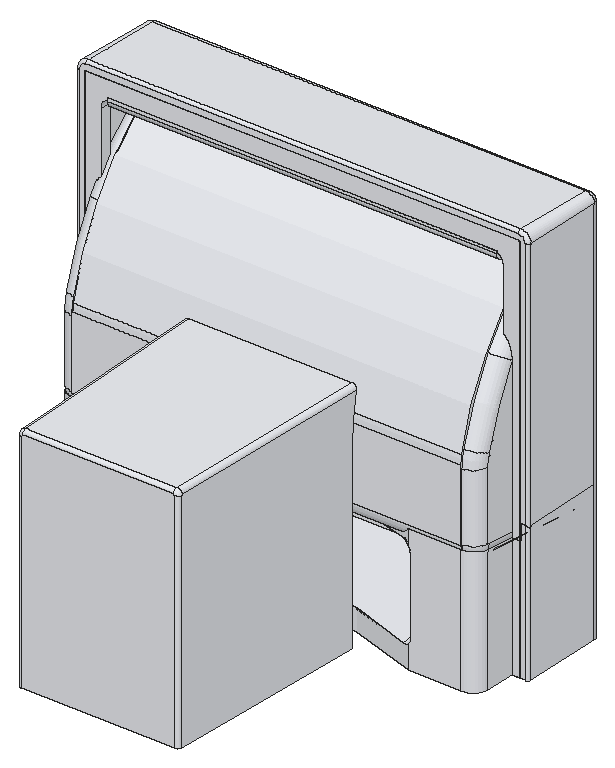
Revit family "Basin-Wall-Caroma Liano Nexus1", category Plumbing Fixtures, host Face, Revit 2012
Parameters (values of type "Liano Nexus - 3 Tap Holes with Shroud")
  Waste Radius [instance] = 30 mm
  Waste Connection = yes
  Waste = Metal-Chrome-Caroma
  WFU = 2  # constant formula
  Vent Connection = no
  URL = "www.caroma.com.au"
  Type Comments = "Capacity: 8L, Overflow not available, Fixing kit included, White plug and chrome flush fitting waste included"  # constant formula
  Tap Penetrations = if([3 Tapholes], 0 mm, 100 mm)  # 0 mm
  Spout Penetration = if(or([1 Taphole], [3 Tapholes]), 0 mm, 100 mm)  # 0 mm
  Shroud = yes
  PlumbingMaterial_ANZRS = Porcelain-White-Caroma
  Model = "665635W"
  Manufacturer = "Caroma"  # constant formula
  Keynote = "WB"
  HW Connection = no
  Description = "Liano Nexus Wall Basin"  # constant formula
  Default Elevation = 865 mm
  CreatedBy_ANZRS = "Design Content"  # constant formula
  CreatedByURL_ANZRS = "www.designcontent.com.au"
  Cost = 357  # constant formula
  CW Connection = no
  Assembly Code = "D2010310"
  3 Tapholes = yes
  1 Taphole = no
Reference planes
  plane 1 "Center (Elevation)": y = 0
  plane 2 "Back": z = 0
  plane 3 "Center (Left/Right)": x = 0
  plane 4 "Left": x = -227
  plane 5 "Right": x = 227
  plane 6: x = -100
  plane 7: x = 100
  plane 8 "Top": y = 210
  plane 9: z = 170
  plane 10 "Front": z = 402
  plane 11 "Center (Front/Back)": z = 201
  plane 12: y = 200
  plane 13: y = 120.006
  plane 14: y = 37.006
  plane 15: z = 70
  plane 16: z = 60
  plane 17 "Bottom": y = -135
  plane 18 "3 Taps": y = 200
  plane 19 "1 Tap": y = 200
Forms (mm)
  Revolve 1, solid, material "Porcelain-White-Caroma" <- "PlumbingMaterial_ANZRS"
    sketch origin (0, 81.782, 172.5) x (0, 0, -1) y (0, 1, 0)
      loop
        line (24.501, -79.775) -> (29.501, -79.775) -> (29.501, -11.064) -> (39.246, -1.318) -> (39.246, 3.682) -> (38.418, 3.682)
        arc (38.418, 3.682) -> (37.27, 3.453) -> (36.296, 2.803) r 3
        line (36.296, 2.803) -> (26.101, -7.393)
        arc (26.101, -7.393) -> (24.917, -9.165) -> (24.501, -11.255) r 5.461
        line (24.501, -11.255) -> (24.501, -79.775)
      axis (2.5, -79.775) -> (2.5, 3.682)
    angle from 0 to 360
  Revolve 2, void
    sketch origin (0, 81.782, 172.5) x (0, 0, -1) y (0, 1, 0)
      loop
        line (24.501, -82.941) -> (24.501, -11.255)
        arc (24.501, -11.255) -> (24.917, -9.165) -> (26.101, -7.393) r 5.461
        line (26.101, -7.393) -> (38.418, 4.924) -> (38.418, 12.76) -> (2.5, 12.76) -> (2.5, -82.941) -> (24.501, -82.941)
      axis (2.5, -82.941) -> (2.5, 12.76)
    angle from 0 to 360
  Revolve 3, solid, material "Metal-Chrome-Caroma" <- "Waste", detail levels fine
    sketch origin (0, 126.011, 172.5) x (0, 0, -1) y (0, 1, 0)
      loop
        line (2.5, -53.692) -> (14.71, -53.692) -> (24.461, -48.287) -> (24.461, -45.838) -> (30.471, -45.838) -> (30.471, -45.027) -> (29.363, -44.308) -> (22.893, -44.308) -> (22.893, -48.615) -> (15.237, -52.859) -> (15.237, -49.13) -> (21.071, -49.13)
        arc (21.071, -49.13) -> (20.047, -47.846) -> (18.52, -47.244) r 3.183
        arc (18.52, -47.244) -> (10.523, -46.552) -> (2.5, -46.322) r 139.649
        line (2.5, -46.322) -> (2.5, -53.692)
      axis (2.5, -53.692) -> (2.5, -44.308)
    angle from 0 to 360
  Revolve 4, solid, material "Metal-Chrome-Caroma" <- "Waste", detail levels fine
    sketch origin (0, 137.878, 204.714) x (0, 0.052336, -0.99863) y (0, 0.99863, 0.052336)
      loop
        line (100.943, 45.624) -> (90.505, 47.091) -> (90.933, 50.141) -> (90.017, 50.269) -> (88.983, 49.49) -> (88.44, 45.629) -> (100.701, 43.906) -> (100.943, 45.624)
      axis (99.108, 32.567) -> (86.846, 34.29)
    angle from 0 to 360
  Revolve 5, void
    sketch origin (0, 139.03, 194.579) x (0, 0.053198, -0.998584) y (0, 0.998584, 0.053198)
      loop
        line (98.2, 43.97) -> (68.863, 48.094) -> (67.016, 34.953) -> (96.354, 30.83) -> (98.2, 43.97)
      axis (96.354, 30.83) -> (67.016, 34.953)
    angle from 0 to 360
  Sweep 6, solid, material "Porcelain-White-Caroma" <- "PlumbingMaterial_ANZRS"
    path origin (0, 0, 0) x (1, 0, 0) y (0, 0, 1)
      loop
        line (227, 0) -> (227, 392)
        arc (227, 392) -> (224.071, 399.071) -> (217, 402) r 10
        line (217, 402) -> (-217, 402)
        arc (-217, 402) -> (-224.071, 399.071) -> (-227, 392) r 10
        line (-227, 392) -> (-227, 0)
    profile origin (0, 0, 402) x (0, 0, -1) y (0, -1, 0)
      loop
        line (0.443, -123.059) -> (1.857, -204.105)
        arc (1.857, -204.105) -> (3.651, -208.28) -> (7.857, -210) r 6
        line (7.857, -210) -> (9, -210) -> (9, -120.006) -> (3.442, -120.006)
        arc (3.442, -120.006) -> (1.303, -120.904) -> (0.443, -123.059) r 3
  Extrusion 7, solid, material "Porcelain-White-Caroma" <- "PlumbingMaterial_ANZRS"
    sketch origin (0, 0, 0) x (1, 0, 0) y (0, 0, 1)
      loop
        line (-218, 0) -> (218, 0) -> (218, 392)
        arc (218, 392) -> (217.707, 392.707) -> (217, 393) r 1
        line (217, 393) -> (-217, 393)
        arc (-217, 393) -> (-217.707, 392.707) -> (-218, 392) r 1
        line (-218, 392) -> (-218, 0)
      loop
        arc (-191.502, 375.017) -> (-198.573, 372.088) -> (-201.502, 365.017) r 10
        line (-201.502, 365.017) -> (-201.502, 120.418)
        arc (-201.502, 120.418) -> (-198.573, 113.347) -> (-191.502, 110.418) r 10
        line (-191.502, 110.418) -> (191.502, 110.418)
        arc (191.502, 110.418) -> (198.573, 113.347) -> (201.502, 120.418) r 10
        line (201.502, 120.418) -> (201.502, 365.017)
        arc (201.502, 365.017) -> (198.573, 372.088) -> (191.502, 375.017) r 10
        line (191.502, 375.017) -> (-191.502, 375.017)
    from -210 to -200
  Extrusion 8, solid, material "Porcelain-White-Caroma" <- "PlumbingMaterial_ANZRS"
    sketch origin (0, 0, 0) x (0, 1, 0) y (0, 0, 1)
      loop
        arc (75.55, 99.421) -> (80.788, 96.307) -> (86.744, 95.02) r 18.914
        line (86.744, 95.02) -> (200, 89.243) -> (200, 105.837) -> (89.07, 115.543)
        arc (89.07, 115.543) -> (79.318, 120.352) -> (75.377, 130.485) r 15
        line (75.377, 130.485) -> (75.377, 142.497) -> (69.486, 148.387) -> (69.486, 170) -> (41.972, 170) -> (41.972, 134.591)
        arc (41.972, 134.591) -> (43.378, 128.252) -> (47.33, 123.1) r 15
        line (47.33, 123.1) -> (75.55, 99.421)
    from 25 to -25
  Extrusion 9, solid, material "Porcelain-White-Caroma" <- "PlumbingMaterial_ANZRS"
    sketch origin (0, 0, 0) x (0, 1, 0) y (0, 0, 1)
      loop
        line (85.463, 131.394) -> (85.463, 199.855)
        arc (85.463, 199.855) -> (85.947, 206.668) -> (87.388, 213.344) r 48.214
        arc (87.388, 213.344) -> (100.275, 249.913) -> (117.117, 284.837) r 351.033
        arc (117.117, 284.837) -> (155.261, 334.036) -> (206.591, 369.261) r 201.72
        arc (206.591, 369.261) -> (209.077, 371.475) -> (210, 374.673) r 6
        line (210, 374.673) -> (210, 376.017) -> (120.006, 376.017) -> (120.006, 372.587)
        arc (120.006, 372.587) -> (121.344, 368.811) -> (124.759, 366.718) r 6
        line (124.759, 366.718) -> (154.912, 360.309)
        arc (154.912, 360.309) -> (159.47, 355.954) -> (157.619, 349.928) r 6
        arc (157.619, 349.928) -> (105.786, 287.314) -> (76.241, 211.59) r 255.52
        arc (76.241, 211.59) -> (75.593, 207.56) -> (75.377, 203.484) r 38.475
        line (75.377, 203.484) -> (75.377, 130.485)
        arc (75.377, 130.485) -> (79.318, 120.352) -> (89.07, 115.543) r 15
        line (89.07, 115.543) -> (200, 105.837) -> (210, 110.419)
        arc (210, 110.419) -> (208.686, 113.797) -> (205.436, 115.4) r 5
        line (205.436, 115.4) -> (90.94, 125.417)
        arc (90.94, 125.417) -> (87.039, 127.341) -> (85.463, 131.394) r 6
    from 195 to -195
  Sweep 10, solid, material "Porcelain-White-Caroma" <- "PlumbingMaterial_ANZRS"
    path origin (0, 0, 0) x (0, 1, 0) y (0, 0, 1)
      loop
        line (205.436, 115.4) -> (90.94, 125.417)
        arc (90.94, 125.417) -> (87.039, 127.341) -> (85.463, 131.394) r 6
        line (85.463, 131.394) -> (85.463, 199.855)
        arc (85.463, 199.855) -> (85.947, 206.668) -> (87.388, 213.344) r 48.214
        arc (87.388, 213.344) -> (100.275, 249.913) -> (117.117, 284.837) r 351.033
        arc (117.117, 284.837) -> (155.261, 334.036) -> (206.591, 369.261) r 201.72
    profile origin (0, 85.463, 165.625) x (0, -1, 0) y (1, 0, 0)
      loop
        line (0, 195) -> (10, 195)
        arc (10, 195) -> (5.607, 205.607) -> (-5, 210) r 15
        line (-5, 210) -> (-5, 200)
        arc (-5, 200) -> (-1.464, 198.536) -> (0, 195) r 5
  Sweep 11, solid, material "Porcelain-White-Caroma" <- "PlumbingMaterial_ANZRS"
    path origin (0, 0, 0) x (1, 0, 0) y (0, 0, 1)
      loop
        arc (191.502, 375.017) -> (198.573, 372.088) -> (201.502, 365.017) r 10
        line (201.502, 365.017) -> (201.502, 120.418)
        arc (201.502, 120.418) -> (198.573, 113.347) -> (191.502, 110.418) r 10
    profile origin (201.502, 0, 242.718) x (0, -1, 0) y (1, 0, 0)
      loop
        arc (-210, 0) -> (-208.536, -3.536) -> (-205, -5) r 5
        line (-205, -5) -> (-205, 0) -> (-210, 0)
  Extrusion 12, solid, material "Porcelain-White-Caroma" <- "PlumbingMaterial_ANZRS"
    sketch origin (0, 0, 0) x (0, 1, 0) y (0, 0, 1)
      loop
        line (205, 120.457) -> (205, 362.907)
        arc (205, 362.907) -> (157.18, 328.957) -> (121.493, 282.42) r 196.72
        arc (121.493, 282.42) -> (104.892, 247.993) -> (92.189, 211.945) r 346.033
        arc (92.189, 211.945) -> (90.897, 205.961) -> (90.463, 199.855) r 43.214
        line (90.463, 199.855) -> (90.463, 131.394)
        arc (90.463, 131.394) -> (90.726, 130.719) -> (91.376, 130.398) r 1
        line (91.376, 130.398) -> (205, 120.457)
    from 210 to 200
  Sweep 13, solid, material "Porcelain-White-Caroma" <- "PlumbingMaterial_ANZRS"
    path origin (0, 0, 0) x (0, 1, 0) y (0, 0, -1)
      loop
        line (205.436, -115.4) -> (90.94, -125.417)
        arc (90.94, -125.417) -> (87.039, -127.341) -> (85.463, -131.394) r 6
        line (85.463, -131.394) -> (85.463, -199.855)
        arc (85.463, -199.855) -> (85.947, -206.668) -> (87.388, -213.344) r 48.214
        arc (87.388, -213.344) -> (100.275, -249.913) -> (117.117, -284.837) r 351.033
        arc (117.117, -284.837) -> (155.261, -334.036) -> (206.591, -369.261) r 201.72
    profile origin (0, 85.463, 165.625) x (0, 1, 0) y (-1, 0, 0)
      loop
        arc (0, 195) -> (1.464, 198.536) -> (5, 200) r 5
        line (5, 200) -> (5, 210)
        arc (5, 210) -> (-5.607, 205.607) -> (-10, 195) r 15
        line (-10, 195) -> (0, 195)
  Sweep 14, solid, material "Porcelain-White-Caroma" <- "PlumbingMaterial_ANZRS"
    path origin (0, 0, 0) x (-1, 0, 0) y (0, 0, 1)
      loop
        arc (191.502, 375.017) -> (198.573, 372.088) -> (201.502, 365.017) r 10
        line (201.502, 365.017) -> (201.502, 120.418)
        arc (201.502, 120.418) -> (198.573, 113.347) -> (191.502, 110.418) r 10
    profile origin (-201.502, 0, 242.718) x (0, -1, 0) y (1, 0, 0)
      loop
        line (-210, 0) -> (-205, 0) -> (-205, 5)
        arc (-205, 5) -> (-208.536, 3.536) -> (-210, 0) r 5
  Extrusion 15, solid, material "Porcelain-White-Caroma" <- "PlumbingMaterial_ANZRS"
    sketch origin (0, 0, 0) x (0, 1, 0) y (0, 0, -1)
      loop
        line (205, -120.457) -> (91.376, -130.398)
        arc (91.376, -130.398) -> (90.726, -130.719) -> (90.463, -131.394) r 1
        line (90.463, -131.394) -> (90.463, -199.855)
        arc (90.463, -199.855) -> (90.897, -205.961) -> (92.189, -211.945) r 43.214
        arc (92.189, -211.945) -> (104.892, -247.993) -> (121.493, -282.42) r 346.033
        arc (121.493, -282.42) -> (157.18, -328.957) -> (205, -362.907) r 196.72
        line (205, -362.907) -> (205, -120.457)
    from 210 to 200
  Extrusion 16, solid, material "Porcelain-White-Caroma" <- "PlumbingMaterial_ANZRS"
    sketch origin (0, 0, 0) x (1, 0, 0) y (0, 1, 0)
      loop
        line (-210, 120.006) -> (-210, 90.377)
        arc (-210, 90.377) -> (-205.607, 79.77) -> (-195, 75.377) r 15
        line (-195, 75.377) -> (-142.308, 75.377)
        arc (-142.308, 75.377) -> (0, 105.006) -> (142.308, 75.377) r 356.561
        line (142.308, 75.377) -> (195, 75.377)
        arc (195, 75.377) -> (205.607, 79.77) -> (210, 90.377) r 15
        line (210, 90.377) -> (210, 120.006) -> (223.558, 120.006)
        arc (223.558, 120.006) -> (225.697, 120.904) -> (226.557, 123.059) r 3
        line (226.557, 123.059) -> (225.143, 204.105) -> (-225.143, 204.105) -> (-226.557, 123.059)
        arc (-226.557, 123.059) -> (-225.697, 120.904) -> (-223.558, 120.006) r 3
        line (-223.558, 120.006) -> (-210, 120.006)
    from 138.841 to 0
  Extrusion 17, void
    sketch origin (0, 0, 0) x (0, 1, 0) y (0, 0, 1)
      loop
        arc (205.436, 115.4) -> (208.686, 113.797) -> (210, 110.419) r 5
        line (210, 110.419) -> (210, 191) -> (37.006, 191) -> (37.006, 130.136) -> (205.436, 115.4)
    from 220 to -220
  Blend 18, void
    base sketch origin (0, 0, 0) x (1, 0, 0) y (0, 0, 1)
      loop
        arc (-134, 115.516) -> (-141.071, 112.588) -> (-144, 105.516) r 10
        line (-144, 105.516) -> (-144, 29.743)
        arc (-144, 29.743) -> (-141.071, 22.672) -> (-134, 19.743) r 10
        line (-134, 19.743) -> (134, 19.743)
        arc (134, 19.743) -> (141.071, 22.672) -> (144, 29.743) r 10
        line (144, 29.743) -> (144, 105.516)
        arc (144, 105.516) -> (141.071, 112.588) -> (134, 115.516) r 10
        line (134, 115.516) -> (-134, 115.516)
    top sketch origin (0, 0, 0) x (1, 0, 0) y (0, 0, 1)
      loop
        arc (-128, 105.837) -> (-135.071, 102.908) -> (-138, 95.837) r 10
        line (-138, 95.837) -> (-138, 39.743)
        arc (-138, 39.743) -> (-135.071, 32.672) -> (-128, 29.743) r 10
        line (-128, 29.743) -> (128, 29.743)
        arc (128, 29.743) -> (135.071, 32.672) -> (138, 39.743) r 10
        line (138, 39.743) -> (138, 95.837)
        arc (138, 95.837) -> (135.071, 102.908) -> (128, 105.837) r 10
        line (128, 105.837) -> (-128, 105.837)
    from -75.377 to -200
  Extrusion 19, solid, material "Porcelain-White-Caroma" <- "PlumbingMaterial_ANZRS"
    sketch origin (0, 0, 0) x (1, 0, 0) y (0, 0, 1)
      loop
        line (218, 0) -> (218, 392)
        arc (218, 392) -> (217.707, 392.707) -> (217, 393) r 1
        line (217, 393) -> (-217, 393)
        arc (-217, 393) -> (-217.707, 392.707) -> (-218, 392) r 1
        line (-218, 392) -> (-218, 0) -> (-201.502, 0) -> (-201.502, 365.017)
        arc (-201.502, 365.017) -> (-198.573, 372.088) -> (-191.502, 375.017) r 10
        line (-191.502, 375.017) -> (191.502, 375.017)
        arc (191.502, 375.017) -> (198.573, 372.088) -> (201.502, 365.017) r 10
        line (201.502, 365.017) -> (201.502, 0) -> (218, 0)
    from -130 to -120.006
  Extrusion 20, void
    sketch origin (-396.959, 200, 1219.2) x (1, 0, 0) y (0, 0, 1)
      loop
        circle (496.959, -1149.2) r 17
      loop
        circle (296.959, -1149.2) r 16.956
    from -50 to 10
  Extrusion 21, void
    sketch origin (280, 200, 1219.2) x (1, 0, 0) y (0, 0, 1)
      loop
        circle (-280, -1159.2) r 14
    from 10 to -50
  Blend 22, solid, material "Porcelain-White-Caroma" <- "PlumbingMaterial_ANZRS", visible <- "Shroud"
    base sketch origin (0, -135, 0) x (-1, 0, 0) y (0, 0, -1)
      loop
        line (-86.45, 0) -> (-86.45, -230.077)
        arc (-86.45, -230.077) -> (-84.986, -233.613) -> (-81.45, -235.077) r 5
        line (-81.45, -235.077) -> (0, -235.077) -> (0, -230.077) -> (-81.45, -230.077) -> (-81.45, 0) -> (-86.45, 0)
    top sketch origin (0, -135, 0) x (-1, 0, 0) y (0, 0, -1)
      loop
        arc (-80.539, -226.42) -> (-79.074, -229.956) -> (-75.539, -231.42) r 5
        line (-75.539, -231.42) -> (0, -231.42) -> (0, -226.42) -> (-75.539, -226.42) -> (-75.539, 0) -> (-80.539, 0) -> (-80.539, -226.42)
    from -215.463 to -3.212
  Extrusion 23, void
    sketch origin (0, 0, 0) x (0, 1, 0) y (0, 0, 1)
      loop
        line (73.574, 0) -> (210, 0) -> (210, 241.978) -> (81.698, 241.978)
        arc (81.698, 241.978) -> (75.614, 211.802) -> (73.574, 181.086) r 232.261
        line (73.574, 181.086) -> (73.574, 0)
    from 200 to -200
  Sweep 24, solid, material "Porcelain-White-Caroma" <- "PlumbingMaterial_ANZRS", visible <- "Shroud"
    path origin (0, 0, 0) x (1, 0, 0) y (0, 0, 1)
      loop
        line (80.539, 0) -> (80.539, 226.42)
        arc (80.539, 226.42) -> (79.074, 229.956) -> (75.539, 231.42) r 5
        line (75.539, 231.42) -> (-75.539, 231.42)
        arc (-75.539, 231.42) -> (-79.074, 229.956) -> (-80.539, 226.42) r 5
        line (-80.539, 226.42) -> (-80.539, 0)
    profile origin (80.539, 0, 113.21) x (-1, 0, 0) y (0, -1, 0)
      loop
        arc (4, 135.788) -> (1.172, 134.617) -> (0, 131.788) r 4
        line (0, 131.788) -> (4, 131.788) -> (4, 135.788)
  Extrusion 25, solid, material "Porcelain-White-Caroma" <- "PlumbingMaterial_ANZRS", visible <- "Shroud"
    sketch origin (0, -135, 0) x (-1, 0, 0) y (0, 0, -1)
      loop
        arc (-76.539, -226.42) -> (-76.246, -227.127) -> (-75.539, -227.42) r 1
        line (-75.539, -227.42) -> (75.539, -227.42)
        arc (75.539, -227.42) -> (76.246, -227.127) -> (76.539, -226.42) r 1
        line (76.539, -226.42) -> (76.539, 0) -> (-76.539, 0) -> (-76.539, -226.42)
    from 0.788 to -3.212
  Blend 26, solid, material "Porcelain-White-Caroma" <- "PlumbingMaterial_ANZRS", visible <- "Shroud"
    base sketch origin (0, -135, 0) x (1, 0, 0) y (0, 0, 1)
      loop
        line (-86.45, 0) -> (-81.45, 0) -> (-81.45, 230.077) -> (0, 230.077) -> (0, 235.077) -> (-81.45, 235.077)
        arc (-81.45, 235.077) -> (-84.986, 233.613) -> (-86.45, 230.077) r 5
        line (-86.45, 230.077) -> (-86.45, 0)
    top sketch origin (0, -135, 0) x (1, 0, 0) y (0, 0, 1)
      loop
        line (-80.539, 226.42) -> (-80.539, 0) -> (-75.539, 0) -> (-75.539, 226.42) -> (0, 226.42) -> (0, 231.42) -> (-75.539, 231.42)
        arc (-75.539, 231.42) -> (-79.074, 229.956) -> (-80.539, 226.42) r 5
    from -215.463 to -3.212
Cuts and joins
  Revolve 2, Revolve 5 cuts Sweep 6
  Revolve 2, Revolve 5, Extrusion 20, Extrusion 21 cuts Extrusion 7
  joined: Sweep 6, Extrusion 7, Sweep 11, Sweep 14
  Revolve 2, Revolve 5 cuts Extrusion 9
  Revolve 5, Extrusion 17, Blend 18, Extrusion 20, Extrusion 21 cuts Extrusion 16
  joined: Extrusion 9, Extrusion 16
  joined: Sweep 10, Extrusion 12
  joined: Sweep 13, Extrusion 15
  Extrusion 23 cuts Blend 22
  Extrusion 23 cuts Blend 26
  joined: Blend 22, Sweep 24, Extrusion 25, Blend 26
Lines and regions (mm)
  Masking region 1
    outline origin (0, 0, 0) x (1, 0, 0) y (0, 0, 1)
      loop
        line (217, 402) -> (-217, 402)
        arc (-217, 402) -> (-224.071, 399.071) -> (-227, 392) r 10
        line (-227, 392) -> (-227, 0) -> (227, 0) -> (227, 392)
        arc (227, 392) -> (224.071, 399.071) -> (217, 402) r 10
  Masking region 2
    outline origin (0, 0, 0) x (1, 0, 0) y (0, 1, 0)
      loop
        line (-227, 120.006) -> (-203.153, 120.006)
        arc (-203.153, 120.006) -> (-199.023, 118.421) -> (-197.015, 114.48) r 6.172
        line (-197.015, 114.48) -> (-194.359, 89.209)
        arc (-194.359, 89.209) -> (-189.198, 79.08) -> (-178.586, 75.006) r 15.86
        line (-178.586, 75.006) -> (-143.564, 75.006)
        arc (-143.564, 75.006) -> (-139.962, 76.557) -> (-136.344, 78.068) r 358.511
        arc (-136.344, 78.068) -> (-88.144, 76.497) -> (-39.927, 75.601) r 3446.378
        line (-39.927, 75.601) -> (-34.441, 70.486) -> (-33.272, 37.006) -> (33.272, 37.006) -> (34.441, 70.486) -> (39.927, 75.601)
        arc (39.927, 75.601) -> (88.144, 76.497) -> (136.344, 78.068) r 3446.378
        arc (136.344, 78.068) -> (139.962, 76.557) -> (143.564, 75.006) r 358.511
        line (143.564, 75.006) -> (178.586, 75.006)
        arc (178.586, 75.006) -> (189.198, 79.08) -> (194.359, 89.209) r 15.86
        line (194.359, 89.209) -> (197.015, 114.48)
        arc (197.015, 114.48) -> (199.023, 118.421) -> (203.153, 120.006) r 6.172
        line (203.153, 120.006) -> (227, 120.006) -> (224.781, 204.105)
        arc (224.781, 204.105) -> (222.988, 208.28) -> (218.782, 210) r 6
        line (218.782, 210) -> (-218.782, 210)
        arc (-218.782, 210) -> (-222.988, 208.28) -> (-224.781, 204.105) r 6
        line (-224.781, 204.105) -> (-227, 120.006)
  Masking region 3, visible <- "Shroud"
    outline origin (0, 0, 0) x (1, 0, 0) y (0, 1, 0)
      loop
        arc (78.545, -136.426) -> (82.056, -134.987) -> (83.545, -131.497) r 5
        line (83.545, -131.497) -> (86.45, 71.546)
        arc (86.45, 71.546) -> (85.822, 73.031) -> (84.304, 73.574) r 2.005
        line (84.304, 73.574) -> (84.068, 76.952)
        arc (84.068, 76.952) -> (83.909, 77.567) -> (83.54, 78.085) r 1.745
        arc (83.54, 78.085) -> (82.306, 78.961) -> (80.866, 79.428) r 5.011
        line (80.866, 79.428) -> (-80.866, 79.428)
        arc (-80.866, 79.428) -> (-82.306, 78.961) -> (-83.54, 78.085) r 5.011
        arc (-83.54, 78.085) -> (-83.909, 77.567) -> (-84.068, 76.952) r 1.745
        line (-84.068, 76.952) -> (-84.304, 73.574)
        arc (-84.304, 73.574) -> (-85.822, 73.031) -> (-86.45, 71.546) r 2.005
        line (-86.45, 71.546) -> (-83.545, -131.497)
        arc (-83.545, -131.497) -> (-82.056, -134.987) -> (-78.545, -136.426) r 5
        line (-78.545, -136.426) -> (78.545, -136.426)
  Masking region 4
    outline origin (0, 0, 0) x (0, 1, 0) y (0, 0, 1)
      loop
        line (204.105, 399.781) -> (126.111, 401.893)
        arc (126.111, 401.893) -> (121.801, 400.174) -> (120.006, 395.894) r 6
        line (120.006, 395.894) -> (120.006, 309.442)
        arc (120.006, 309.442) -> (92.91, 262.266) -> (76.319, 210.455) r 257.756
        line (76.319, 210.455) -> (70.353, 204.489) -> (37.006, 203.324) -> (37.006, 136.51) -> (41.768, 136.51)
        arc (41.768, 136.51) -> (42.767, 128.985) -> (47.285, 122.885) r 15.181
        line (47.285, 122.885) -> (77.615, 98.323)
        arc (77.615, 98.323) -> (75.455, 49.185) -> (75.241, 0) r 1243.032
        line (75.241, 0) -> (204, 0)
        arc (204, 0) -> (208.243, 1.757) -> (210, 6) r 6
        line (210, 6) -> (210, 393.782)
        arc (210, 393.782) -> (208.28, 397.988) -> (204.105, 399.781) r 6
  Masking region 5, visible <- "Shroud"
    outline origin (0, 0, 0) x (0, 1, 0) y (0, 0, 1)
      loop
        line (-135.788, 0) -> (73.574, 0) -> (73.574, 181.086)
        arc (73.574, 181.086) -> (75.17, 208.264) -> (79.934, 235.068) r 232.261
        line (79.934, 235.068) -> (-131.857, 231.419)
        arc (-131.857, 231.419) -> (-134.641, 230.224) -> (-135.788, 227.42) r 4
        line (-135.788, 227.42) -> (-135.788, 0)
  symbolic lines, visible <- "3 Tapholes"
    curve 1: circle (100, 0, 70) r 17 normal (0, -1, 0)
    curve 2: circle (0, 0, 60) r 14 normal (0, -1, 0)
    curve 3: circle (-100, 0, 70) r 16.956 normal (0, -1, 0)
  symbolic lines, visible <- "1 Taphole"
    curve 4: circle (0, 0, 60) r 14 normal (0, -1, 0)
  symbolic lines
    curve 5: circle (0, 0, 170) r 22.001 normal (0, -1, 0)
    curve 6: circle (0, 0, 170) r 35 normal (0, -1, 0)
    curve 7: line (191.502, 0, 370.295) -> (-191.502, 0, 370.295)
    curve 8: line (196.502, 0, 120.399) -> (196.502, 0, 365.295)
    curve 9: line (-191.502, 0, 115.399) -> (191.502, 0, 115.399)
    curve 10: line (-196.502, 0, 365.295) -> (-196.502, 0, 120.399)
    curve 11: arc (196.502, 0, 365.295) -> (195.038, 0, 368.831) -> (191.502, 0, 370.295) r 5
    curve 12: arc (-191.502, 0, 370.295) -> (-195.038, 0, 368.831) -> (-196.502, 0, 365.295) r 5
    curve 13: arc (-196.502, 0, 120.399) -> (-195.038, 0, 116.864) -> (-191.502, 0, 115.399) r 5
    curve 14: arc (196.502, 0, 120.399) -> (195.038, 0, 116.864) -> (191.502, 0, 115.399) r 5
    curve 15: line (0, 120.006, 309.442) -> (0, 120.006, 0)
    curve 16: line (-203.153, 120.006, 0) -> (203.153, 120.006, 0)
    curve 17: line (183.992, -135, 130.714) -> (183.992, -135, 201)
    curve 18: arc (183.992, -135, 201) -> (186.041, -135, 280.76) -> (192.183, -135, 360.309) r 1553.329
    curve 19: line (178.314, -135, 125.036) -> (0, -135, 125.036)
    curve 20: arc (178.314, -135, 125.036) -> (182.329, -135, 126.699) -> (183.992, -135, 130.714) r 5.678
    curve 21: line (-183.992, -135, 130.714) -> (-183.992, -135, 201)
    curve 22: arc (-183.992, -135, 201) -> (-186.041, -135, 280.76) -> (-192.183, -135, 360.309) r 1553.329
    curve 23: line (-178.314, -135, 125.036) -> (0, -135, 125.036)
    curve 24: arc (-178.314, -135, 125.036) -> (-182.329, -135, 126.699) -> (-183.992, -135, 130.714) r 5.678
Dimensions and locks
  equal spacing: plane 4 "Left", plane 3 "Center (Left/Right)", plane 5 "Right"
  plane 4 "Left" to plane 5 "Right" = 454 mm
  plane 6 to plane 3 "Center (Left/Right)" to plane 7 = 100 mm, 100 mm
  plane 1 "Center (Elevation)" to plane 8 "Top" = 210 mm
  level to plane 10 "Front" = 402 mm
  level to plane 9 = 170 mm
  equal spacing: level, plane 11 "Center (Front/Back)", plane 10 "Front"
  locked: plane 8 "Top" to plane 12 at 10
  host face to plane 16 = 60 mm
  host face to plane 15 = 70 mm
  "Tap Penetrations": plane 18 "3 Taps" to plane 12
  "Spout Penetration": plane 19 "1 Tap" to plane 12
  aligned and locked: plane 2 "Back" to host face
  aligned and locked: level to host face
Automatic sketch dimensions
  host sketch curve to host sketch curve = 2438.4 mm  (x2)
  plane 9 to Revolve 1 sketch curve = 0 mm
  plane 9 to Revolve 1 sketch curve = 22.001 mm
  Revolve 1 sketch curve to Revolve 1 sketch curve = 1.6 mm
  Revolve 1 sketch curve to plane 1 "Center (Elevation)" = 2.006 mm
  Revolve 1 sketch curve to Revolve 1 sketch curve = 5 mm
  Revolve 1 sketch curve to Revolve 1 sketch curve = 0.461 mm
  Revolve 1 sketch curve to Revolve 1 sketch curve = 10.196 mm
  Revolve 1 sketch curve to Revolve 1 sketch curve = 2.121 mm  (x2)
  Revolve 1 sketch curve to Revolve 1 sketch curve = 0.828 mm
  plane 1 "Center (Elevation)" to Revolve 1 sketch curve = 8.212 mm
  plane 14 to Revolve 1 sketch curve = 33.52 mm
  Revolve 1 sketch curve to Revolve 1 sketch curve = 0.191 mm
  Revolve 1 sketch curve to Revolve 1 sketch curve = 9.936 mm
  Revolve 1 sketch curve to Revolve 1 sketch curve = 2 mm
  plane 13 to Revolve 1 sketch curve = 25.465 mm
  plane 9 to Revolve 2 sketch curve = 0 mm  (x2)
  plane 9 to Revolve 2 sketch curve = 22.001 mm
  Revolve 2 sketch curve to Revolve 2 sketch curve = 1.6 mm
  Revolve 2 sketch curve to Revolve 2 sketch curve = 5.461 mm
  Revolve 2 sketch curve to Revolve 2 sketch curve = 12.317 mm  (x2)
  plane 1 "Center (Elevation)" to Revolve 2 sketch curve = 8.212 mm
  plane 1 "Center (Elevation)" to Revolve 2 sketch curve = 1.16 mm
  plane 14 to Revolve 2 sketch curve = 33.52 mm
  plane 13 to Revolve 2 sketch curve = 25.465 mm
  Revolve 2 sketch curve to Revolve 2 sketch curve = 0 mm
  plane 9 to Revolve 3 sketch curve = 0 mm  (x2)
  plane 9 to Revolve 3 sketch curve = 12.21 mm
  Revolve 3 sketch curve to Revolve 3 sketch curve = 0.528 mm
  Revolve 3 sketch curve to Revolve 3 sketch curve = 2.918 mm
  Revolve 3 sketch curve to Revolve 3 sketch curve = 0.365 mm
  Revolve 3 sketch curve to Revolve 3 sketch curve = 0 mm  (x3)
  Revolve 3 sketch curve to Revolve 3 sketch curve = 2.551 mm
  Revolve 3 sketch curve to Revolve 3 sketch curve = 1.822 mm
  Revolve 3 sketch curve to Revolve 3 sketch curve = 1.568 mm
  Revolve 3 sketch curve to Revolve 3 sketch curve = 4.902 mm
  Revolve 3 sketch curve to Revolve 3 sketch curve = 1.107 mm
  plane 1 "Center (Elevation)" to Revolve 3 sketch curve = 59.96 mm
  plane 14 to Revolve 3 sketch curve = 35.313 mm
  Revolve 3 sketch curve to Revolve 3 sketch curve = 0.833 mm
  Revolve 3 sketch curve to Revolve 3 sketch curve = 2.453 mm
  Revolve 3 sketch curve to Revolve 3 sketch curve = 0.515 mm
  Revolve 3 sketch curve to Revolve 3 sketch curve = 0.328 mm
  Revolve 3 sketch curve to Revolve 3 sketch curve = 2.449 mm
  Revolve 3 sketch curve to Revolve 3 sketch curve = 0.811 mm
  Revolve 3 sketch curve to Revolve 3 sketch curve = 0.719 mm
  Sweep 6 sketch curve to level = 0 mm  (x2)
  plane 4 "Left" to Sweep 6 sketch curve = 0 mm
  Sweep 6 sketch curve to plane 10 "Front" = 0 mm
  Sweep 6 sketch curve to plane 4 "Left" = 10 mm
  Sweep 6 sketch curve to plane 5 "Right" = 10 mm
  Sweep 6 sketch curve to profile plane = 0.443 mm
  Sweep 6 sketch curve to profile plane = 1.857 mm
  Sweep 6 sketch curve to profile plane = 3.442 mm
  Sweep 6 sketch curve to profile plane = 7.857 mm
  Sweep 6 sketch curve to Sweep 6 sketch curve = 1.143 mm
  Sweep 6 sketch curve to plane 1 "Center (Elevation)" = 210 mm
  Sweep 6 sketch curve to Sweep 6 sketch curve = 5.895 mm
  Sweep 6 sketch curve to Sweep 6 sketch curve = 81.046 mm
  Sweep 6 sketch curve to Sweep 6 sketch curve = 0.052 mm
  plane 9 to Extrusion 8 sketch curve = 0 mm
  Extrusion 8 sketch curve to plane 12 = 0 mm
  plane 13 to Extrusion 8 sketch curve = 29.63 mm
  Extrusion 8 sketch curve to Extrusion 8 sketch curve = 1.307 mm
  Extrusion 8 sketch curve to Extrusion 8 sketch curve = 1.362 mm
  Extrusion 8 sketch curve to Extrusion 8 sketch curve = 0.964 mm
  Extrusion 8 sketch curve to Extrusion 8 sketch curve = 11.194 mm
  Extrusion 8 sketch curve to Extrusion 8 sketch curve = 15 mm
  Extrusion 8 sketch curve to Extrusion 8 sketch curve = 5.891 mm  (x2)
  Extrusion 8 sketch curve to Extrusion 8 sketch curve = 12.514 mm
  plane 14 to Extrusion 8 sketch curve = 10.324 mm
  plane 14 to Extrusion 8 sketch curve = 4.966 mm
  Extrusion 8 sketch curve to Extrusion 8 sketch curve = 21.613 mm
  Extrusion 8 sketch curve to Extrusion 8 sketch curve = 13.796 mm
  Extrusion 8 sketch curve to Extrusion 8 sketch curve = 12.011 mm
  Extrusion 8 sketch curve to Extrusion 8 sketch curve = 1.633 mm
  plane 15 to Extrusion 8 sketch curve = 35.837 mm
  Extrusion 8 sketch curve to Extrusion 8 sketch curve = 14.489 mm
  Extrusion 8 sketch curve to Extrusion 8 sketch curve = 16.595 mm
  Masking region 1 sketch curve to plane 10 "Front" = 0 mm
  Masking region 1 sketch curve to plane 4 "Left" = 10 mm
  Masking region 1 sketch curve to plane 5 "Right" = 10 mm
  Extrusion 9 sketch curve to plane 13 = 0 mm
  Extrusion 9 sketch curve to plane 12 = 0 mm
  Extrusion 9 sketch curve to plane 8 "Top" = 0 mm  (x2)
  plane 13 to Extrusion 9 sketch curve = 2.89 mm
  Extrusion 9 sketch curve to Extrusion 9 sketch curve = 0 mm  (x5)
  Extrusion 9 sketch curve to plane 11 "Center (Front/Back)" = 2.484 mm
  plane 13 to Extrusion 9 sketch curve = 6.154 mm
  plane 13 to Extrusion 9 sketch curve = 28.543 mm
  Extrusion 9 sketch curve to Extrusion 9 sketch curve = 0.523 mm
  Extrusion 9 sketch curve to Extrusion 9 sketch curve = 1.086 mm
  Extrusion 9 sketch curve to Extrusion 9 sketch curve = 1.87 mm
  Extrusion 9 sketch curve to plane 11 "Center (Front/Back)" = 12.344 mm
  Extrusion 9 sketch curve to Extrusion 9 sketch curve = 26.464 mm
  Extrusion 9 sketch curve to Extrusion 9 sketch curve = 4.914 mm
  Extrusion 9 sketch curve to Extrusion 9 sketch curve = 11.148 mm
  Extrusion 9 sketch curve to Extrusion 9 sketch curve = 0.864 mm
  Extrusion 9 sketch curve to plane 13 = 4.753 mm
  Extrusion 9 sketch curve to Extrusion 9 sketch curve = 1.247 mm  (x2)
  plane 11 "Center (Front/Back)" to Extrusion 9 sketch curve = 1.145 mm
  Extrusion 9 sketch curve to Extrusion 9 sketch curve = 28.905 mm
  Extrusion 9 sketch curve to Extrusion 9 sketch curve = 3.954 mm
  plane 12 to Extrusion 9 sketch curve = 4 mm
  Extrusion 9 sketch curve to plane 8 "Top" = 5 mm
  Extrusion 9 sketch curve to plane 8 "Top" = 4.564 mm
  Extrusion 9 sketch curve to plane 8 "Top" = 3.409 mm
  plane 9 to Extrusion 9 sketch curve = 12.243 mm
  plane 15 to Extrusion 9 sketch curve = 40.419 mm
  Extrusion 9 sketch curve to Extrusion 9 sketch curve = 4.582 mm
  plane 15 to Extrusion 9 sketch curve = 45.542 mm
  Extrusion 9 sketch curve to Extrusion 9 sketch curve = 5.068 mm
  Extrusion 9 sketch curve to Extrusion 9 sketch curve = 6.409 mm
  Extrusion 9 sketch curve to Extrusion 9 sketch curve = 1.344 mm
  plane 11 "Center (Front/Back)" to Sweep 10 sketch curve = 1.145 mm
  plane 13 to Sweep 10 sketch curve = 34.543 mm
  Sweep 10 sketch curve to plane 11 "Center (Front/Back)" = 12.344 mm
  Sweep 10 sketch curve to Sweep 10 sketch curve = 1.925 mm
  Sweep 10 sketch curve to Sweep 10 sketch curve = 0 mm  (x4)
  Sweep 10 sketch curve to Sweep 10 sketch curve = 5.477 mm
  Sweep 10 sketch curve to Sweep 10 sketch curve = 6 mm
  plane 13 to Sweep 10 sketch curve = 2.89 mm
  Sweep 10 sketch curve to plane 8 "Top" = 4.564 mm
  Sweep 10 sketch curve to plane 8 "Top" = 3.409 mm
  plane 15 to Sweep 10 sketch curve = 45.134 mm
  plane 15 to Sweep 10 sketch curve = 45.4 mm
  plane 9 to Sweep 10 sketch curve = 44.583 mm
  Sweep 10 sketch curve to profile plane = 0 mm
  profile plane to Sweep 10 sketch curve = 5 mm
  Sweep 10 sketch curve to Sweep 10 sketch curve = 10 mm
  plane 3 "Center (Left/Right)" to Sweep 10 sketch curve = 195 mm
  Sweep 11 sketch curve to plane 5 "Right" = 35.498 mm  (x2)
  Sweep 11 sketch curve to Sweep 11 sketch curve = 10 mm
  plane 15 to Sweep 11 sketch curve = 40.418 mm
  plane 10 "Front" to Sweep 11 sketch curve = 36.983 mm
  Sweep 11 sketch curve to profile plane = 0 mm
  Sweep 11 sketch curve to plane 1 "Center (Elevation)" = 210 mm
  Sweep 11 sketch curve to Sweep 11 sketch curve = 5 mm
  plane 11 "Center (Front/Back)" to Extrusion 12 sketch curve = 1.145 mm
  plane 13 to Extrusion 12 sketch curve = 29.543 mm
  Extrusion 12 sketch curve to Extrusion 12 sketch curve = 0.913 mm
  Extrusion 12 sketch curve to Extrusion 12 sketch curve = 1 mm
  Extrusion 12 sketch curve to plane 11 "Center (Front/Back)" = 10.945 mm
  Extrusion 12 sketch curve to Extrusion 12 sketch curve = 1.726 mm
  Extrusion 12 sketch curve to Extrusion 12 sketch curve = 0 mm  (x2)
  Extrusion 12 sketch curve to plane 13 = 1.487 mm
  Extrusion 12 sketch curve to plane 8 "Top" = 5 mm
  plane 15 to Extrusion 12 sketch curve = 45.134 mm
  plane 9 to Extrusion 12 sketch curve = 49.543 mm
  plane 9 to Extrusion 12 sketch curve = 39.602 mm
  plane 11 "Center (Front/Back)" to Sweep 13 sketch curve = 1.145 mm
  plane 13 to Sweep 13 sketch curve = 34.543 mm
  Sweep 13 sketch curve to plane 11 "Center (Front/Back)" = 12.344 mm
  Sweep 13 sketch curve to Sweep 13 sketch curve = 1.925 mm
  Sweep 13 sketch curve to Sweep 13 sketch curve = 0 mm  (x4)
  Sweep 13 sketch curve to Sweep 13 sketch curve = 5.477 mm
  Sweep 13 sketch curve to Sweep 13 sketch curve = 0.523 mm
  plane 13 to Sweep 13 sketch curve = 2.89 mm
  Sweep 13 sketch curve to plane 8 "Top" = 4.564 mm
  Sweep 13 sketch curve to plane 8 "Top" = 3.409 mm
  plane 15 to Sweep 13 sketch curve = 45.134 mm
  plane 9 to Sweep 13 sketch curve = 38.606 mm
  plane 15 to Sweep 13 sketch curve = 45.4 mm
  profile plane to Sweep 13 sketch curve = 0 mm
  Sweep 13 sketch curve to Sweep 13 sketch curve = 10 mm
  Sweep 13 sketch curve to profile plane = 5 mm
  profile plane to Sweep 13 sketch curve = 195 mm
  plane 4 "Left" to Sweep 14 sketch curve = 35.498 mm  (x2)
  Sweep 14 sketch curve to Sweep 14 sketch curve = 10 mm
  Sweep 14 sketch curve to plane 15 = 40.418 mm
  Sweep 14 sketch curve to plane 10 "Front" = 36.983 mm
  Sweep 14 sketch curve to profile plane = 0 mm
  Sweep 14 sketch curve to plane 1 "Center (Elevation)" = 210 mm
  Sweep 14 sketch curve to Sweep 14 sketch curve = 5 mm
  plane 11 "Center (Front/Back)" to Extrusion 15 sketch curve = 1.145 mm
  plane 13 to Extrusion 15 sketch curve = 29.543 mm
  Extrusion 15 sketch curve to Extrusion 15 sketch curve = 0.913 mm
  Extrusion 15 sketch curve to Extrusion 15 sketch curve = 0.087 mm
  Extrusion 15 sketch curve to plane 11 "Center (Front/Back)" = 10.945 mm
  Extrusion 15 sketch curve to Extrusion 15 sketch curve = 1.726 mm
  Extrusion 15 sketch curve to Extrusion 15 sketch curve = 0 mm  (x2)
  Extrusion 15 sketch curve to plane 13 = 1.487 mm
  Extrusion 15 sketch curve to plane 8 "Top" = 5 mm
  plane 15 to Extrusion 15 sketch curve = 45.134 mm
  plane 9 to Extrusion 15 sketch curve = 38.606 mm
  plane 9 to Extrusion 15 sketch curve = 49.543 mm
  plane 13 to Extrusion 16 sketch curve = 0 mm  (x2)
  Extrusion 16 sketch curve to plane 3 "Center (Left/Right)" = 0 mm
  Extrusion 16 sketch curve to plane 6 = 42.308 mm
  Extrusion 16 sketch curve to plane 4 "Left" = 32 mm
  Extrusion 16 sketch curve to plane 4 "Left" = 17 mm
  Extrusion 16 sketch curve to plane 4 "Left" = 3.442 mm
  Extrusion 16 sketch curve to plane 4 "Left" = 1.857 mm
  Extrusion 16 sketch curve to plane 4 "Left" = 0.443 mm
  Extrusion 16 sketch curve to plane 7 = 42.308 mm
  Extrusion 16 sketch curve to plane 5 "Right" = 32 mm
  Extrusion 16 sketch curve to plane 5 "Right" = 17 mm
  Extrusion 16 sketch curve to plane 5 "Right" = 3.442 mm
  Extrusion 16 sketch curve to plane 5 "Right" = 1.857 mm
  Extrusion 16 sketch curve to plane 5 "Right" = 0.443 mm
  Extrusion 16 sketch curve to Extrusion 16 sketch curve = 29.63 mm
  plane 17 "Bottom" to Extrusion 16 sketch curve = 116.554 mm
  Extrusion 16 sketch curve to Extrusion 16 sketch curve = 3 mm  (x2)
  plane 12 to Extrusion 16 sketch curve = 4.105 mm
  Extrusion 17 sketch curve to plane 14 = 0 mm
  Extrusion 17 sketch curve to plane 8 "Top" = 0 mm
  Extrusion 17 sketch curve to Extrusion 17 sketch curve = 5 mm
  Extrusion 17 sketch curve to plane 8 "Top" = 4.564 mm
  plane 15 to Extrusion 17 sketch curve = 40.419 mm
  plane 9 to Extrusion 17 sketch curve = 39.864 mm
  plane 11 "Center (Front/Back)" to Extrusion 17 sketch curve = 10 mm
  Blend 18 sketch curve to plane 6 = 44 mm
  Blend 18 sketch curve to Blend 18 sketch curve = 10 mm  (x6)
  Blend 18 sketch curve to plane 7 = 34 mm  (x2)
  level to Blend 18 sketch curve = 19.743 mm
  plane 15 to Blend 18 sketch curve = 35.516 mm
  Blend 18 sketch curve to plane 16 = 20.257 mm
  Blend 18 sketch curve to plane 6 = 38 mm
  Blend 18 sketch curve to plane 7 = 28 mm  (x2)
  plane 15 to Blend 18 sketch curve = 25.837 mm
  Extrusion 19 sketch curve to plane 4 "Left" = 9 mm
  Extrusion 19 sketch curve to Extrusion 19 sketch curve = 1 mm  (x2)
  Extrusion 19 sketch curve to Extrusion 19 sketch curve = 16.498 mm
  Extrusion 19 sketch curve to Extrusion 19 sketch curve = 10 mm
  Extrusion 19 sketch curve to plane 5 "Right" = 35.498 mm
  level to Extrusion 19 sketch curve = 0 mm  (x2)
  Extrusion 19 sketch curve to plane 5 "Right" = 25.498 mm
  Extrusion 19 sketch curve to plane 5 "Right" = 10 mm
  plane 10 "Front" to Extrusion 19 sketch curve = 36.983 mm
  plane 10 "Front" to Extrusion 19 sketch curve = 10 mm
  Blend 22 sketch curve to level = 0 mm  (x2)
  Blend 22 sketch curve to plane 3 "Center (Left/Right)" = 0 mm  (x2)
  Blend 22 sketch curve to plane 7 = 18.55 mm
  Blend 22 sketch curve to Blend 22 sketch curve = 0 mm  (x4)
  Blend 22 sketch curve to Blend 22 sketch curve = 5 mm  (x2)
  plane 11 "Center (Front/Back)" to Blend 22 sketch curve = 29.077 mm
  Blend 22 sketch curve to plane 7 = 24.461 mm
  plane 11 "Center (Front/Back)" to Blend 22 sketch curve = 25.42 mm
  Extrusion 23 sketch curve to level = 0 mm
  Extrusion 23 sketch curve to plane 8 "Top" = 0 mm
  plane 13 to Extrusion 23 sketch curve = 38.308 mm
  Extrusion 23 sketch curve to plane 9 = 11.086 mm
  Extrusion 23 sketch curve to Extrusion 23 sketch curve = 8.124 mm
  Sweep 24 sketch curve to level = 0 mm  (x2)
  plane 6 to Sweep 24 sketch curve = 19.461 mm
  Sweep 24 sketch curve to Sweep 24 sketch curve = 5 mm  (x2)
  plane 7 to Sweep 24 sketch curve = 24.461 mm
  Sweep 24 sketch curve to plane 11 "Center (Front/Back)" = 25.42 mm
  Sweep 24 sketch curve to profile plane = 0 mm
  Sweep 24 sketch curve to Sweep 24 sketch curve = 4 mm
  plane 1 "Center (Elevation)" to Sweep 24 sketch curve = 131.788 mm
  Extrusion 25 sketch curve to level = 0 mm
  Extrusion 25 sketch curve to plane 7 = 23.461 mm
  Extrusion 25 sketch curve to Extrusion 25 sketch curve = 1 mm  (x2)
  Extrusion 25 sketch curve to plane 6 = 24.461 mm
  plane 11 "Center (Front/Back)" to Extrusion 25 sketch curve = 25.42 mm
  Blend 26 sketch curve to level = 0 mm  (x2)
  Blend 26 sketch curve to plane 3 "Center (Left/Right)" = 0 mm  (x2)
  plane 6 to Blend 26 sketch curve = 18.55 mm
  Blend 26 sketch curve to Blend 26 sketch curve = 0 mm  (x4)
  Blend 26 sketch curve to Blend 26 sketch curve = 5 mm  (x2)
  Blend 26 sketch curve to plane 11 "Center (Front/Back)" = 29.077 mm
  plane 6 to Blend 26 sketch curve = 24.461 mm
  Blend 26 sketch curve to plane 11 "Center (Front/Back)" = 25.42 mm
  Sweep 6 sketch curve to plane 5 "Right" = 0 mm
  Extrusion 7 sketch curve to level = 0 mm
  Extrusion 7 sketch curve to plane 4 "Left" = 9 mm
  Extrusion 7 sketch curve to Extrusion 7 sketch curve = 1 mm
  Extrusion 7 sketch curve to plane 4 "Left" = 25.498 mm
  Extrusion 7 sketch curve to Extrusion 7 sketch curve = 10 mm  (x3)
  Extrusion 7 sketch curve to plane 5 "Right" = 35.498 mm  (x2)
  Extrusion 7 sketch curve to plane 5 "Right" = 10 mm
  Extrusion 7 sketch curve to plane 5 "Right" = 9 mm
  plane 15 to Extrusion 7 sketch curve = 40.418 mm
  plane 10 "Front" to Extrusion 7 sketch curve = 36.983 mm
  plane 10 "Front" to Extrusion 7 sketch curve = 10 mm
  Extrusion 9 sketch curve to Extrusion 9 sketch curve = 32.328 mm
  plane 11 "Center (Front/Back)" to Sweep 10 sketch curve = 13.682 mm
  plane 11 "Center (Front/Back)" to Extrusion 12 sketch curve = 13.682 mm
  plane 11 "Center (Front/Back)" to Sweep 13 sketch curve = 13.682 mm
  plane 11 "Center (Front/Back)" to Extrusion 15 sketch curve = 13.682 mm
  plane 8 "Top" to Extrusion 23 sketch curve = 95.836 mm
  plane 7 to Extrusion 20 sketch curve = 0 mm
  Extrusion 20 sketch curve to plane 6 = 0 mm
  Extrusion 20 sketch curve to plane 15 = 0 mm  (x2)
  Extrusion 21 sketch curve to plane 3 "Center (Left/Right)" = 0 mm
  Extrusion 21 sketch curve to plane 16 = 0 mm
  Masking region 5 sketch curve to level = 0 mm
  plane 17 "Bottom" to Masking region 5 sketch curve = 0.788 mm
  Masking region 5 sketch curve to plane 17 "Bottom" = 3.143 mm
  Masking region 5 sketch curve to plane 17 "Bottom" = 3.212 mm
  plane 14 to Masking region 5 sketch curve = 36.568 mm
  Masking region 5 sketch curve to plane 11 "Center (Front/Back)" = 34.068 mm
  Masking region 5 sketch curve to Masking region 5 sketch curve = 6.36 mm
  Masking region 5 sketch curve to plane 9 = 11.086 mm
  Masking region 5 sketch curve to plane 11 "Center (Front/Back)" = 26.42 mm
  Masking region 4 sketch curve to plane 14 = 0 mm
  Masking region 4 sketch curve to plane 13 = 0 mm
  Masking region 4 sketch curve to level = 0 mm
  Masking region 4 sketch curve to plane 8 "Top" = 0 mm
  Masking region 4 sketch curve to Masking region 4 sketch curve = 4.761 mm
  plane 14 to Masking region 4 sketch curve = 10.278 mm
  Masking region 4 sketch curve to Masking region 4 sketch curve = 9.554 mm
  plane 14 to Masking region 4 sketch curve = 33.346 mm
  Masking region 4 sketch curve to plane 11 "Center (Front/Back)" = 3.489 mm
  plane 14 to Masking region 4 sketch curve = 38.234 mm
  Masking region 4 sketch curve to Masking region 4 sketch curve = 5.966 mm
  Masking region 4 sketch curve to plane 11 "Center (Front/Back)" = 9.455 mm
  plane 15 to Masking region 4 sketch curve = 28.323 mm
  Masking region 4 sketch curve to Masking region 4 sketch curve = 30.331 mm
  Masking region 4 sketch curve to Masking region 4 sketch curve = 6 mm
  plane 10 "Front" to Masking region 4 sketch curve = 0.107 mm
  Masking region 4 sketch curve to Masking region 4 sketch curve = 0.105 mm
  plane 12 to Masking region 4 sketch curve = 4 mm  (x2)
  plane 12 to Masking region 4 sketch curve = 4.105 mm
  plane 9 to Masking region 4 sketch curve = 11.808 mm
  level to Masking region 4 sketch curve = 19.171 mm
  Masking region 4 sketch curve to Masking region 4 sketch curve = 24.561 mm
  Masking region 4 sketch curve to Masking region 4 sketch curve = 11.798 mm
  Masking region 4 sketch curve to plane 11 "Center (Front/Back)" = 2.324 mm
  plane 10 "Front" to Masking region 4 sketch curve = 8.218 mm
  plane 8 "Top" to Masking region 4 sketch curve = 118.72 mm
  curve 15 to level = 0 mm
  curve 15 to plane 13 = 0 mm
  plane 10 "Front" to curve 15 = 92.558 mm
  Masking region 2 sketch curve to Masking region 2 sketch curve = 0 mm  (x4)
  Masking region 2 sketch curve to plane 4 "Left" = 0 mm
  Masking region 2 sketch curve to plane 8 "Top" = 0 mm
  plane 13 to Masking region 2 sketch curve = 0 mm  (x2)
  Masking region 2 sketch curve to plane 14 = 0 mm
  Masking region 2 sketch curve to plane 3 "Center (Left/Right)" = 0 mm  (x2)
  Masking region 2 sketch curve to plane 5 "Right" = 0 mm
  Masking region 2 sketch curve to plane 4 "Left" = 2.219 mm
  plane 12 to Masking region 2 sketch curve = 4 mm
  Masking region 2 sketch curve to Masking region 2 sketch curve = 5.999 mm
  Masking region 2 sketch curve to plane 4 "Left" = 23.847 mm
  Masking region 2 sketch curve to Masking region 2 sketch curve = 6.138 mm  (x2)
  Masking region 2 sketch curve to Masking region 2 sketch curve = 2.656 mm  (x2)
  Masking region 2 sketch curve to Masking region 2 sketch curve = 15.773 mm  (x2)
  Masking region 2 sketch curve to Masking region 2 sketch curve = 35.022 mm  (x2)
  Masking region 2 sketch curve to Masking region 2 sketch curve = 7.22 mm  (x2)
  Masking region 2 sketch curve to Masking region 2 sketch curve = 5.485 mm  (x2)
  Masking region 2 sketch curve to plane 3 "Center (Left/Right)" = 33.272 mm
  plane 3 "Center (Left/Right)" to Masking region 2 sketch curve = 33.272 mm
  Masking region 2 sketch curve to Masking region 2 sketch curve = 1.169 mm
  Masking region 2 sketch curve to plane 7 = 36.344 mm
  plane 13 to Masking region 2 sketch curve = 5.527 mm
  Masking region 2 sketch curve to plane 5 "Right" = 8.218 mm
  Masking region 2 sketch curve to plane 5 "Right" = 2.219 mm
  plane 14 to Masking region 2 sketch curve = 33.48 mm  (x2)
  plane 14 to Masking region 2 sketch curve = 38 mm
  Masking region 2 sketch curve to Masking region 2 sketch curve = 5.115 mm  (x2)
  Masking region 2 sketch curve to Masking region 2 sketch curve = 14.202 mm  (x2)
  Masking region 2 sketch curve to Masking region 2 sketch curve = 6.172 mm
  Masking region 2 sketch curve to Masking region 2 sketch curve = 6 mm
  plane 13 to Masking region 2 sketch curve = 41.938 mm
  Masking region 2 sketch curve to Masking region 2 sketch curve = 6.654 mm
  plane 6 to Masking region 3 sketch curve = 13.55 mm
  Masking region 3 sketch curve to Masking region 3 sketch curve = 2.005 mm  (x2)
  Masking region 3 sketch curve to Masking region 3 sketch curve = 0.141 mm  (x2)
  Masking region 3 sketch curve to Masking region 3 sketch curve = 0.236 mm  (x2)
  Masking region 3 sketch curve to plane 17 "Bottom" = 3.503 mm  (x2)
  plane 6 to Masking region 3 sketch curve = 16.455 mm
  Masking region 3 sketch curve to Masking region 3 sketch curve = 0.528 mm  (x2)
  Masking region 3 sketch curve to Masking region 3 sketch curve = 0 mm  (x2)
  Masking region 3 sketch curve to Masking region 3 sketch curve = 1.741 mm
  Masking region 3 sketch curve to Masking region 3 sketch curve = 1.461 mm  (x2)
  Masking region 3 sketch curve to Masking region 3 sketch curve = 2.27 mm
  plane 17 "Bottom" to Masking region 3 sketch curve = 1.426 mm
  Masking region 3 sketch curve to Masking region 3 sketch curve = 4.999 mm  (x2)
  plane 7 to Masking region 3 sketch curve = 21.455 mm
  plane 7 to Masking region 3 sketch curve = 19.943 mm
  Masking region 3 sketch curve to Masking region 3 sketch curve = 0.81 mm
  Masking region 3 sketch curve to Masking region 3 sketch curve = 1.213 mm
  plane 14 to Masking region 3 sketch curve = 34.539 mm
  Masking region 3 sketch curve to Masking region 3 sketch curve = 0.029 mm  (x2)
  Masking region 3 sketch curve to Masking region 3 sketch curve = 0.908 mm  (x2)
  Masking region 3 sketch curve to Masking region 3 sketch curve = 2.348 mm  (x2)
  plane 13 to curve 16 = 0 mm
  curve 16 to plane 4 "Left" = 23.847 mm
  curve 16 to plane 5 "Right" = 23.847 mm
  Masking region 1 sketch curve to plane 5 "Right" = 0 mm
  plane 4 "Left" to Masking region 1 sketch curve = 0 mm
  Masking region 1 sketch curve to level = 0 mm
  curve 5 to curve 6 = 0 mm  (x2)
  curve 3 to plane 6 = 0 mm
  curve 2 to plane 3 "Center (Left/Right)" = 0 mm
  curve 5 to plane 3 "Center (Left/Right)" = 0 mm
  curve 4 to plane 3 "Center (Left/Right)" = 0 mm
  plane 7 to curve 1 = 0 mm
  curve 4 to plane 16 = 0 mm
  curve 1 to plane 15 = 0 mm
  curve 6 to plane 9 = 0 mm
  curve 13 to plane 4 "Left" = 35.498 mm
  curve 12 to plane 4 "Left" = 35.498 mm
  curve 13 to curve 13 = 5 mm
  curve 11 to plane 5 "Right" = 35.498 mm
  curve 14 to plane 5 "Right" = 35.498 mm
  curve 11 to curve 11 = 5 mm
  curve 2 to plane 16 = 0 mm
  curve 3 to plane 15 = 0 mm
  plane 15 to curve 13 = 45.399 mm
  plane 10 "Front" to curve 8 = 36.705 mm
  curve 18 to plane 11 "Center (Front/Back)" = 0 mm
  curve 23 to plane 3 "Center (Left/Right)" = 0 mm
  curve 22 to plane 11 "Center (Front/Back)" = 0 mm
  plane 5 "Right" to curve 20 = 48.686 mm
  curve 17 to curve 20 = 5.678 mm
  plane 5 "Right" to curve 18 = 34.817 mm
  curve 18 to plane 5 "Right" = 1510.321 mm
  plane 4 "Left" to curve 24 = 48.686 mm
  plane 4 "Left" to curve 22 = 43.008 mm
  plane 4 "Left" to curve 22 = 34.817 mm
  curve 22 to plane 4 "Left" = 1510.321 mm
  curve 24 to plane 9 = 39.286 mm
  Revolve 4 sketch curve to plane 12 = 23.1 mm
  plane 9 to Revolve 4 sketch curve = 47.542 mm
  Revolve 4 sketch curve to Revolve 4 sketch curve = 4.255 mm
  Revolve 4 sketch curve to Revolve 4 sketch curve = 0.543 mm
  Revolve 4 sketch curve to Revolve 4 sketch curve = 1.034 mm
  Revolve 4 sketch curve to Revolve 4 sketch curve = 2.065 mm
  Revolve 4 sketch curve to Revolve 4 sketch curve = 0.916 mm
  Revolve 4 sketch curve to Revolve 4 sketch curve = 12.796 mm
  Revolve 4 sketch curve to Revolve 4 sketch curve = 10.197 mm
  Revolve 4 sketch curve to Revolve 4 sketch curve = 0.241 mm
  Revolve 4 sketch curve to Revolve 4 sketch curve = 1.798 mm
  Revolve 4 sketch curve to Revolve 4 sketch curve = 11.04 mm
  Revolve 4 sketch curve to Revolve 4 sketch curve = 1.718 mm
  Revolve 5 sketch curve to plane 12 = 22.501 mm
  plane 9 to Revolve 5 sketch curve = 40.482 mm
  Revolve 5 sketch curve to Revolve 5 sketch curve = 1.847 mm
  Revolve 5 sketch curve to Revolve 5 sketch curve = 5.867 mm
  Revolve 5 sketch curve to Revolve 5 sketch curve = 8.987 mm
  Revolve 5 sketch curve to Revolve 5 sketch curve = 14.484 mm
  Revolve 5 sketch curve to Revolve 5 sketch curve = 0.825 mm
  Revolve 5 sketch curve to Revolve 5 sketch curve = 1.263 mm
  Revolve 5 sketch curve to Revolve 5 sketch curve = 2.036 mm
  radius of Extrusion 20 sketch curve = 17 mm
  radius of Extrusion 20 sketch curve = 16.956 mm
  radius of Extrusion 21 sketch curve = 14 mm
  radius of curve 1 = 17 mm
  radius of curve 2 = 14 mm
  radius of curve 3 = 16.956 mm
  radius of curve 4 = 14 mm
  radius of curve 5 = 22.001 mm
  radius of curve 6 = 35 mm
Connectors
  piping at (0, 2.006, 170), driven by "Waste Radius", driven by "WFU"
    settings: on Revolve 1, index 1, connector radius 1.1811", flow factor 0, pipe flow 0 GPM, pressure drop 0.00 psi, fitting loss kfactor 0, connector angle 0.00°, fixture units 2, engagement length 0 mm, flow configuration 3, flow direction 2, fitting loss method 1, system type 16, joint type 0, gender type 0, connector reference index -1, connector utility 0, adjustable connector no, is connector primary yes, fitting loss table "", connector description ""
